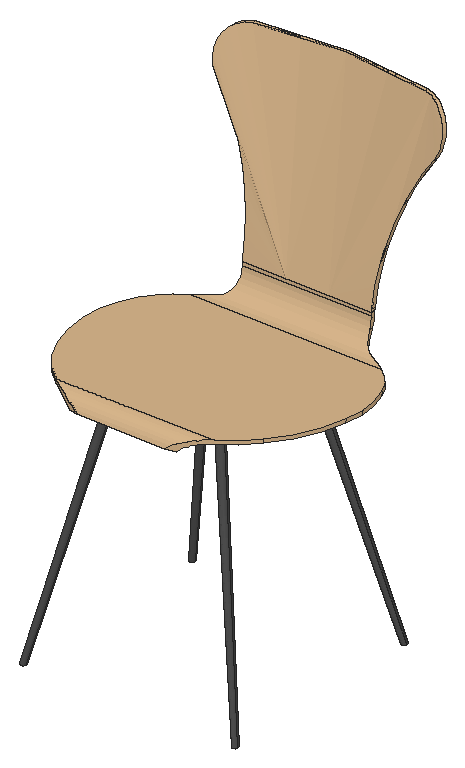
Revit family
Parameters (values of type "Chair Butterfly")
  Material Legs = Metal - Chrome
  Material Chair = Wood - Birch
  Assembly Code = ""
Reference planes
  plane 1 "Center (Front/Back)": y = 0
  plane 2: z = 0
  plane 3 "Center (Left/Right)": x = 0
  plane 4: x = -225
  plane 5: x = 225
  plane 6: y = 200
  plane 7: y = -200
  plane 8: z = 450
  plane 9: z = 800
  plane 10: x = 110
  plane 11: x = -110
  plane 12: z = 475.093
Forms (mm)
  Extrusion 1, solid, material "Wood - Birch" <- "Material Chair"
    sketch origin (0, 0, 0) x (0, 1, 0) y (0, 0, 1)
      loop
        arc (-170, 450) -> (-188.617, 444.912) -> (-200, 429.326) r 29.217
        line (-200, 429.326) -> (-194.258, 427.587)
        arc (-194.258, 427.587) -> (-185.212, 439.971) -> (-170.419, 444.015) r 23.217
        line (-170.419, 444.015) -> (153.79, 421.344)
        arc (153.79, 421.344) -> (190.502, 434.358) -> (206, 470.093) r 48.806
        line (206, 470.093) -> (206, 475.093) -> (200, 475.093) -> (200, 470.093)
        arc (200, 470.093) -> (186.41, 438.746) -> (154.208, 427.329) r 42.806
        line (154.208, 427.329) -> (-170, 450)
    from -225 to 225
  Extrusion 2, void
    sketch origin (0, 0, 0) x (1, 0, 0) y (0, 1, 0)
      loop
        line (-110, 206) -> (-245, 206) -> (-245, -214) -> (245, -214) -> (245, 206) -> (110, 206)
        arc (110, 206) -> (117.478, 183.769) -> (135.811, 169.138) r 41.519
        arc (135.811, 169.138) -> (178.704, 141.327) -> (208.387, 99.707) r 136.748
        arc (208.387, 99.707) -> (223.049, 52.445) -> (225, 3) r 189.864
        arc (225, 3) -> (211.006, -61.42) -> (181.787, -120.513) r 269.404
        arc (181.787, -120.513) -> (117.579, -181.575) -> (33.009, -208.014) r 195.467
        arc (33.009, -208.014) -> (0, -209.198) -> (-33.009, -208.014) r 460.841
        arc (-33.009, -208.014) -> (-117.579, -181.575) -> (-181.787, -120.513) r 195.467
        arc (-181.787, -120.513) -> (-211.006, -61.42) -> (-225, 3) r 269.404
        arc (-225, 3) -> (-223.049, 52.445) -> (-208.387, 99.707) r 189.864
        arc (-208.387, 99.707) -> (-178.704, 141.327) -> (-135.811, 169.138) r 136.748
        arc (-135.811, 169.138) -> (-117.478, 183.769) -> (-110, 206) r 41.519
    from 408.822 to 493.819
  Blend 3, solid, material "Wood - Birch" <- "Material Chair"
    base sketch origin (0, 200, 475.093) x (0, -1, 0) y (1, 0, 0)
      loop
        arc (-6, -110) -> (-2.988, -110.225) -> (0, -110.668) r 41.519
        line (0, -110.668) -> (0, 110.668)
        arc (0, 110.668) -> (-2.988, 110.225) -> (-6, 110) r 41.519
        line (-6, 110) -> (-6, -110)
    top sketch origin (0, 200, 475.093) x (0, -1, 0) y (1, 0, 0)
      loop
        line (-55, -225) -> (-49.287, -223.168)
        arc (-49.287, -223.168) -> (-84.199, 0) -> (-49.287, 223.168) r 730.716
        line (-49.287, 223.168) -> (-55, 225)
        arc (-55, 225) -> (-90.199, 0) -> (-55, -225) r 736.716
    from 0 to 324.907
  Extrusion 4, void
    sketch origin (0, 0, 0) x (1, 0, 0) y (0, 0, 1)
      loop
        line (-110.668, 475.093) -> (-110.668, 480.093)
        arc (-110.668, 480.093) -> (-130.369, 606.142) -> (-187.591, 720.169) r 413.102
        arc (-187.591, 720.169) -> (-191.797, 771.843) -> (-148.265, 800) r 50.509
        line (-148.265, 800) -> (148.265, 800)
        arc (148.265, 800) -> (191.797, 771.843) -> (187.591, 720.169) r 50.509
        arc (187.591, 720.169) -> (130.369, 606.142) -> (110.668, 480.093) r 413.102
        line (110.668, 480.093) -> (110.668, 475.093) -> (244.332, 475.093) -> (244.332, 815.093) -> (-240.668, 815.093) -> (-240.668, 475.093) -> (-110.668, 475.093)
    from -362.435 to -113.129
  Blend 5, solid, material "Metal - Chrome" <- "Material Legs"
    base sketch origin (0, 0, 0) x (1, 0, 0) y (0, 1, 0)
      loop
        circle (181.744, -181.303) r 5
    top sketch origin (0, 0, 0) x (1, 0, 0) y (0, 1, 0)
      loop
        circle (86.314, -96.145) r 7.5
    from 0 to 438.225
  Blend 6, solid, material "Metal - Chrome" <- "Material Legs"
    base sketch origin (0, 0, 0) x (-1, 0, 0) y (0, -1, 0)
      loop
        circle (181.744, 181.303) r 5
    top sketch origin (0, 0, 0) x (-1, 0, 0) y (0, -1, 0)
      loop
        circle (86.314, 96.145) r 7.5
    from 0 to 438.225
  Blend 7, solid, material "Metal - Chrome" <- "Material Legs"
    base sketch origin (0, 0, 0) x (1, 0, 0) y (0, 1, 0)
      loop
        circle (181.744, 181.303) r 5
    top sketch origin (0, 0, 0) x (1, 0, 0) y (0, 1, 0)
      loop
        circle (86.314, 96.145) r 7.5
    from 0 to 424.69
  Blend 8, solid, material "Metal - Chrome" <- "Material Legs"
    base sketch origin (0, 0, 0) x (-1, 0, 0) y (0, -1, 0)
      loop
        circle (181.744, -181.303) r 5
    top sketch origin (0, 0, 0) x (-1, 0, 0) y (0, -1, 0)
      loop
        circle (86.314, -96.145) r 7.5
    from 0 to 424.69
Cuts and joins
  Extrusion 2, Extrusion 4 cuts Extrusion 1
  Extrusion 4 cuts Blend 3
  joined: Extrusion 1, Blend 3
Lines and regions (mm)
  Masking region 1
    outline origin (0, 0, 0) x (1, 0, 0) y (0, 1, 0)
      loop
        line (-225, 37.6) -> (-225, 3)
        arc (-225, 3) -> (-211.006, -61.42) -> (-181.787, -120.513) r 269.404
        arc (-181.787, -120.513) -> (-169.836, -136.783) -> (-156.272, -151.732) r 195.467
        line (-156.272, -151.732) -> (-186.675, -182.135) -> (-182.577, -186.233) -> (-148.74, -158.832)
        arc (-148.74, -158.832) -> (-114.443, -183.38) -> (-75.679, -200) r 195.467
        line (-75.679, -200) -> (0, -200) -> (75.679, -200)
        arc (75.679, -200) -> (114.443, -183.38) -> (148.74, -158.832) r 195.467
        line (148.74, -158.832) -> (182.577, -186.233) -> (186.675, -182.135) -> (156.272, -151.732)
        arc (156.272, -151.732) -> (169.836, -136.783) -> (181.787, -120.513) r 195.467
        arc (181.787, -120.513) -> (211.006, -61.42) -> (225, 3) r 269.404
        line (225, 3) -> (225, 37.6)
        arc (225, 37.6) -> (219.341, 69.362) -> (208.387, 99.707) r 189.864
        arc (208.387, 99.707) -> (188.321, 131.133) -> (160.511, 155.972) r 136.748
        line (160.511, 155.972) -> (186.675, 182.135) -> (182.577, 186.233) -> (151.843, 161.345)
        arc (151.843, 161.345) -> (143.954, 165.503) -> (135.811, 169.138) r 136.748
        arc (135.811, 169.138) -> (119.3, 181.359) -> (110.668, 200) r 41.519
        spline (110.668, 200) -> (111.19, 203.645) -> (112.807, 207.545) -> (115.51, 211.629) -> (119.294, 215.716) -> (124.155, 219.712) -> (130.087, 223.543) -> (137.083, 227.136) -> (145.133, 230.424) -> (154.226, 233.348) -> (164.346, 235.847) -> (175.475, 237.844) -> (187.591, 239.31)
        arc (187.591, 239.31) -> (193.122, 241.685) -> (197.033, 246.26) r 13.254
        line (197.033, 246.26) -> (197.033, 248.478)
        arc (197.033, 248.478) -> (191.151, 256.738) -> (182.891, 262.62) r 30.573
        arc (182.891, 262.62) -> (165.908, 269.788) -> (148.265, 275.126) r 174.668
        arc (148.265, 275.126) -> (74.465, 286.426) -> (-0.099, 290.199) r 736.716
        arc (-0.099, 290.199) -> (-74.564, 286.416) -> (-148.265, 275.126) r 736.716
        arc (-148.265, 275.126) -> (-165.908, 269.788) -> (-182.891, 262.62) r 174.668
        arc (-182.891, 262.62) -> (-191.151, 256.738) -> (-197.033, 248.478) r 30.573
        line (-197.033, 248.478) -> (-197.033, 246.26)
        arc (-197.033, 246.26) -> (-193.122, 241.685) -> (-187.591, 239.31) r 13.254
        spline (-187.591, 239.31) -> (-175.475, 237.844) -> (-164.346, 235.847) -> (-154.226, 233.348) -> (-145.133, 230.424) -> (-137.083, 227.136) -> (-130.087, 223.543) -> (-124.155, 219.712) -> (-119.294, 215.716) -> (-115.51, 211.629) -> (-112.807, 207.545) -> (-111.19, 203.645) -> (-110.668, 200)
        arc (-110.668, 200) -> (-119.3, 181.359) -> (-135.811, 169.138) r 41.519
        arc (-135.811, 169.138) -> (-143.954, 165.503) -> (-151.843, 161.345) r 136.748
        line (-151.843, 161.345) -> (-182.577, 186.233) -> (-186.675, 182.135) -> (-160.511, 155.972)
        arc (-160.511, 155.972) -> (-188.321, 131.133) -> (-208.387, 99.707) r 136.748
        arc (-208.387, 99.707) -> (-219.341, 69.362) -> (-225, 37.6) r 189.864
  symbolic lines
    curve 1: line (148.74, -158.832, 0) -> (156.272, -151.732, 0)
    curve 2: line (151.843, 161.345, 0) -> (160.511, 155.972, 0)
    curve 3: line (-160.511, 155.972, 0) -> (-151.843, 161.345, 0)
    curve 4: line (-156.272, -151.732, 0) -> (-148.74, -158.832, 0)
